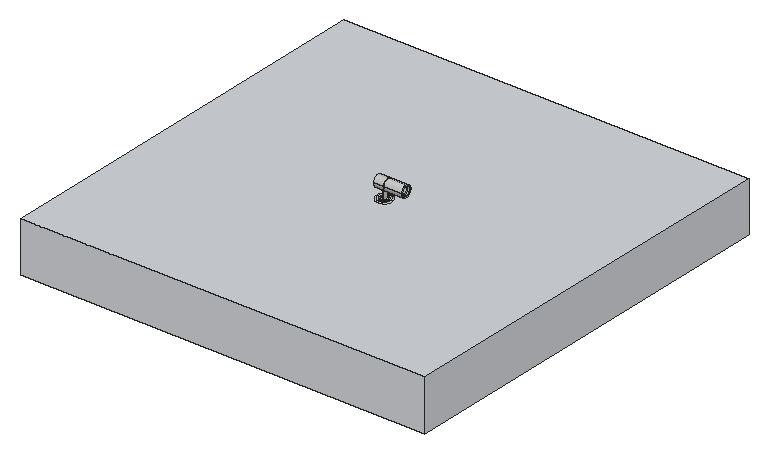
Revit family "LAMP_HANCE SEMI-RECESSED MEDIUM FLOOD", category Modelos genéricos, Revit 2015
Parameters (values of type "1612LM 3000 BLACK")
  Weight = 0.85 kg
  Type = "COB PHILIPS"
  Total height = 260 mm
  Tilting angle [instance] = 90.00°
  Tilting [instance] = if(Tilting angle < 0.00°, 0.00°, if(Tilting angle > 90.00°, 90.00°, Tilting angle))  # 90.00°
  Rotation angle [instance] = 0.00°
  Rotation [instance] = if(Rotation angle < 0.00°, 90.00°, if(Rotation angle > 355.00°, 85.00°, Rotation angle + 90.00°))  # 90.00°
  Protection rating = "IP20"
  Profundidad tija = if(Longitud cuerpo = 210 mm, 18 mm, 8.2 mm)  # 8.2 mm
  Product datasheet = "http://www.lamp.es/product-files/TECH/HS1SR20MF830NBB-EN.pdf"
  Product code = "HS1SR20MF830NBB"
  Product URL = "http://www.lamp.es/en/family/hance_173901"
  Power Supply = "220-240V 50-60Hz"
  Power = 18 W
  Plum = 21 W
  Photometric web file = Cuerpo Hance SEMI-RECESSED MEDIUM FLOOD (tilting) : 1612LM 3000 BLACK
  Modelo = Product code  # "HS1SR20MF830NBB"
  Model explanation = "Availability of tilting between 0º and 90º, rotation between 0º and 355º and change ring color when placed in a project."
  Material base = LAMP_Aluminio Hance Negro
  Material tija = LAMP_Aluminio Hance Negro
  Manufacturer name = "LAMP"
  Manufacturer country = "Spain"
  Manufacturer URL = "http://www.lamp.es/en"
  MacAdam = "3"
  Luminaire type = "Indoor - Spotlight"
  Longitud cuerpo = 170 mm
  Longitud aro = if(Longitud cuerpo = 135 mm, 63.6 mm, if(Longitud cuerpo = 170 mm, 98.6 mm, 138.6 mm))  # 98.6 mm
  Last update = "08/08/2018"
  Lamp = "LED COB"
  LED Lifetime = "50.000 L80 B10"
  Insulation class = "I"
  Installation instructions = "http://www.lamp.es/product-files/ins/1004280%20-%20instr.%20hance%20spotlight%20220v.pdf"
  Initial intensity = 1612 lm
  Initial color = 3000 K
  IEE = "A+"
  Gear = "Electronic"
  Finish = "Texturised black"
  Fabricante = Manufacturer name  # "LAMP"
  Default Elevation = 1219.2 mm
  Efficacy = 76.74 lm/W
  Diameter = 65 mm
  Descripción = "HANCE REC 2000 WW MFL BK."
  Decorative ring [instance] = Aro decorativo (tilting) : Black
  Comentarios de tipo = Model explanation  # "Availability of tilting between 0º and 90º, rotation between 0º and 355º and change ring color when placed in a project."
  CRI = "80"
  Body height = 170 mm
  Angulo aro [instance] = if(Tilting = 90.00°, 90.00°, -Tilting + 180.00°)  # 90.00°
  Anchura tija = if(Longitud cuerpo = 210 mm, 28 mm, 23 mm)  # 23 mm
  Altura tija = if(Longitud cuerpo = 210 mm, 49 mm, 63 mm)  # 63 mm
Types (17, lengths in mm): name | Weight | Total height | Profundidad tija | Product datasheet | Product code | Power | Plum | Photometric web file | Modelo | Material base | Material tija | Longitud cuerpo | Longitud aro | LED Lifetime | Initial intensity | Initial color | IEE | Finish | Efficacy | Diameter | Descripción | Body height | Anchura tija | Altura tija
  (no name) | 0.85 kg | 260 | 8.2 | "http://www.lamp.es/product-files/TECH/HS1SR20MF830NBB-EN.pdf" | "HS1SR20MF830NBB" | 18 W | 21 W | Cuerpo Hance SEMI-RECESSED MEDIUM FLOOD (tilting) : 1612LM 3000 BLACK | "HS1SR20MF830NBB" | LAMP_Aluminio Hance Negro | LAMP_Aluminio Hance Negro | 170 | 98.6 | "50.000 L80 B10" | 1612 lm | 3000 K | "A+" | "Texturised black" | 76.74 lm/W | 65 | "HANCE REC 2000 WW MFL BK." | 170 | 23 | 63
  751LM 3000 BLACK | 0.70 kg | 224 | 8.2 | "http://www.lamp.es/product-files/TECH/HS1SR10MF830NBB-EN.pdf" | "HS1SR10MF830NBB" | 7 W | 8.2 W | Cuerpo Hance SEMI-RECESSED MEDIUM FLOOD (tilting) : 751LM 3000 BLACK | "HS1SR10MF830NBB" | LAMP_Aluminio Hance Negro | LAMP_Aluminio Hance Negro | 135 | 63.6 | "50.000 L90 B10" | 751 lm | 3000 K | "A+" | "Texturised black" | 91.63 lm/W | 65 | "HANCE REC 1000 WW MFL BK." | 135 | 23 | 63
  751LM 3000 WHITE | 0.70 kg | 224 | 8.2 | "http://www.lamp.es/product-files/TECH/HS1SR10MF830NBW-EN.pdf" | "HS1SR10MF830NBW" | 7 W | 8.2 W | Cuerpo Hance SEMI-RECESSED MEDIUM FLOOD (tilting) : 751LM 3000 WHITE | "HS1SR10MF830NBW" | LAMP_Aluminio Hance Blanco | LAMP_Aluminio Hance Blanco | 135 | 63.6 | "50.000 L90 B10" | 751 lm | 3000 K | "A+" | "Texturised matt white" | 91.63 lm/W | 65 | "HANCE REC 1000 WW MFL WH." | 135 | 23 | 63
  794LM 4000 BLACK | 0.70 kg | 224 | 8.2 | "http://www.lamp.es/product-files/TECH/HS1SR10MF840NBB-EN.pdf" | "HS1SR10MF840NBB" | 7 W | 8.2 W | Cuerpo Hance SEMI-RECESSED MEDIUM FLOOD (tilting) : 794LM 4000 BLACK | "HS1SR10MF840NBB" | LAMP_Aluminio Hance Negro | LAMP_Aluminio Hance Negro | 135 | 63.6 | "50.000 L90 B10" | 794 lm | 4000 K | "A++" | "Texturised black" | 96.83 lm/W | 65 | "HANCE REC 1000 NW MFL BK." | 135 | 23 | 63
  794LM 4000 WHITE | 0.70 kg | 224 | 8.2 | "http://www.lamp.es/product-files/TECH/HS1SR10MF840NBW-EN.pdf" | "HS1SR10MF840NBW" | 7 W | 8.2 W | Cuerpo Hance SEMI-RECESSED MEDIUM FLOOD (tilting) : 794LM 4000 WHITE | "HS1SR10MF840NBW" | LAMP_Aluminio Hance Blanco | LAMP_Aluminio Hance Blanco | 135 | 63.6 | "50.000 L90 B10" | 794 lm | 4000 K | "A++" | "Texturised matt white" | 96.83 lm/W | 65 | "HANCE REC 1000 NW MFL WH." | 135 | 23 | 63
  1612LM 3000 BLACK | 0.85 kg | 260 | 8.2 | "http://www.lamp.es/product-files/TECH/HS1SR20MF830NBB-EN.pdf" | "HS1SR20MF830NBB" | 18 W | 21 W | Cuerpo Hance SEMI-RECESSED MEDIUM FLOOD (tilting) : 1612LM 3000 BLACK | "HS1SR20MF830NBB" | LAMP_Aluminio Hance Negro | LAMP_Aluminio Hance Negro | 170 | 98.6 | "50.000 L80 B10" | 1612 lm | 3000 K | "A+" | "Texturised black" | 76.74 lm/W | 65 | "HANCE REC 2000 WW MFL BK." | 170 | 23 | 63
  1612LM 3000 WHITE | 0.85 kg | 260 | 8.2 | "http://www.lamp.es/product-files/TECH/HS1SR20MF830NBW-EN.pdf" | "HS1SR20MF830NBW" | 18 W | 21 W | Cuerpo Hance SEMI-RECESSED MEDIUM FLOOD (tilting) : 1612LM 3000 WHITE | "HS1SR20MF830NBW" | LAMP_Aluminio Hance Blanco | LAMP_Aluminio Hance Blanco | 170 | 98.6 | "50.000 L80 B10" | 1612 lm | 3000 K | "A+" | "Texturised matt white" | 76.74 lm/W | 65 | "HANCE REC 2000 WW MFL WH." | 170 | 23 | 63
  1703LM 4000 BLACK | 0.85 kg | 260 | 8.2 | "http://www.lamp.es/product-files/TECH/HS1SR20MF840NBB-EN.pdf" | "HS1SR20MF840NBB" | 18 W | 21 W | Cuerpo Hance SEMI-RECESSED MEDIUM FLOOD (tilting) : 1703LM 4000 BLACK | "HS1SR20MF840NBB" | LAMP_Aluminio Hance Negro | LAMP_Aluminio Hance Negro | 170 | 98.6 | "50.000 L80 B10" | 1703 lm | 4000 K | "A+" | "Texturised black" | 81.09 lm/W | 65 | "HANCE REC 2000 NW MFL BK." | 170 | 23 | 63
  1703LM 4000 WHITE | 0.85 kg | 260 | 8.2 | "http://www.lamp.es/product-files/TECH/HS1SR20MF840NBW-EN.pdf" | "HS1SR20MF840NBW" | 18 W | 21 W | Cuerpo Hance SEMI-RECESSED MEDIUM FLOOD (tilting) : 1703LM 4000 WHITE | "HS1SR20MF840NBW" | LAMP_Aluminio Hance Blanco | LAMP_Aluminio Hance Blanco | 170 | 98.6 | "50.000 L80 B10" | 1703 lm | 4000 K | "A+" | "Texturised matt white" | 81.09 lm/W | 65 | "HANCE REC 2000 NW MFL WH." | 170 | 23 | 63
  2625LM 3000 BLACK | 1.70 kg | 300 | 18 | "http://www.lamp.es/product-files/TECH/HS1SR30MF830NBB-EN.pdf" | "HS1SR30MF830NBB" | 26 W | 28.6 W | Cuerpo Hance SEMI-RECESSED MEDIUM FLOOD (tilting) : 2625LM 3000 BLACK | "HS1SR30MF830NBB" | LAMP_Aluminio Hance Negro | LAMP_Aluminio Hance Negro | 210 | 138.6 | "50.000 L80 B10" | 2625 lm | 3000 K | "A+" | "Texturised black" | 91.77 lm/W | 90 | "HANCE REC 3000 WW MFL BK." | 210 | 28 | 49
  2625LM 3000 WHITE | 1.70 kg | 300 | 18 | "http://www.lamp.es/product-files/TECH/HS1SR30MF830NBW-EN.pdf" | "HS1SR30MF830NBW" | 26 W | 28.6 W | Cuerpo Hance SEMI-RECESSED MEDIUM FLOOD (tilting) : 2625LM 3000 WHITE | "HS1SR30MF830NBW" | LAMP_Aluminio Hance Blanco | LAMP_Aluminio Hance Blanco | 210 | 138.6 | "50.000 L80 B10" | 2625 lm | 3000 K | "A+" | "Texturised matt white" | 91.77 lm/W | 90 | "HANCE REC 3000 WW MFL WH." | 210 | 28 | 49
  2744LM 4000 BLACK | 1.70 kg | 300 | 18 | "http://www.lamp.es/product-files/TECH/HS1SR30MF840NBB-EN.pdf" | "HS1SR30MF840NBB" | 26 W | 28.6 W | Cuerpo Hance SEMI-RECESSED MEDIUM FLOOD (tilting) : 2744LM 4000 BLACK | "HS1SR30MF840NBB" | LAMP_Aluminio Hance Negro | LAMP_Aluminio Hance Negro | 210 | 138.6 | "50.000 L80 B10" | 2744 lm | 4000 K | "A+" | "Texturised black" | 95.94 lm/W | 90 | "HANCE REC 3000 NW MFL BK." | 210 | 28 | 49
  2744LM 4000 WHITE | 1.70 kg | 300 | 18 | "http://www.lamp.es/product-files/TECH/HS1SR30MF840NBW-EN.pdf" | "HS1SR30MF840NBW" | 26 W | 28.6 W | Cuerpo Hance SEMI-RECESSED MEDIUM FLOOD (tilting) : 2744LM 4000 WHITE | "HS1SR30MF840NBW" | LAMP_Aluminio Hance Blanco | LAMP_Aluminio Hance Blanco | 210 | 138.6 | "50.000 L80 B10" | 2744 lm | 4000 K | "A+" | "Texturised matt white" | 95.94 lm/W | 90 | "HANCE REC 3000 NW MFL WH." | 210 | 28 | 49
  3387LM 3000 BLACK | 1.70 kg | 300 | 18 | "http://www.lamp.es/product-files/TECH/HS1SR40MF830NBB-EN.pdf" | "HS1SR40MF830NBB" | 35 W | 39.5 W | Cuerpo Hance SEMI-RECESSED MEDIUM FLOOD (tilting) : 3387LM 3000 BLACK | "HS1SR40MF830NBB" | LAMP_Aluminio Hance Negro | LAMP_Aluminio Hance Negro | 210 | 138.6 | "50.000 L80 B10" | 3387 lm | 3000 K | "A+" | "Texturised black" | 85.75 lm/W | 90 | "HANCE REC 4000 WW MFL BK." | 210 | 28 | 49
  3387LM 3000 WHITE | 1.70 kg | 300 | 18 | "http://www.lamp.es/product-files/TECH/HS1SR40MF830NBW-EN.pdf" | "HS1SR40MF830NBW" | 35 W | 39.5 W | Cuerpo Hance SEMI-RECESSED MEDIUM FLOOD (tilting) : 3387LM 3000 WHITE | "HS1SR40MF830NBW" | LAMP_Aluminio Hance Blanco | LAMP_Aluminio Hance Blanco | 210 | 138.6 | "50.000 L80 B10" | 3387 lm | 3000 K | "A+" | "Texturised matt white" | 85.75 lm/W | 90 | "HANCE REC 4000 WW MFL WH." | 210 | 28 | 49
  3527LM 4000 BLACK | 1.70 kg | 300 | 18 | "http://www.lamp.es/product-files/TECH/HS1SR40MF840NBB-EN.pdf" | "HS1SR40MF840NBB" | 35 W | 39.5 W | Cuerpo Hance SEMI-RECESSED MEDIUM FLOOD (tilting) : 3527LM 4000 BLACK | "HS1SR40MF840NBB" | LAMP_Aluminio Hance Negro | LAMP_Aluminio Hance Negro | 210 | 138.6 | "50.000 L80 B10" | 3527 lm | 4000 K | "A+" | "Texturised black" | 89.29 lm/W | 90 | "HANCE REC 4000 NW MFL BK." | 210 | 28 | 49
  3527LM 4000 WHITE | 1.70 kg | 300 | 18 | "http://www.lamp.es/product-files/TECH/HS1SR40MF840NBW-EN.pdf" | "HS1SR40MF840NBW" | 35 W | 39.5 W | Cuerpo Hance SEMI-RECESSED MEDIUM FLOOD (tilting) : 3527LM 4000 WHITE | "HS1SR40MF840NBW" | LAMP_Aluminio Hance Blanco | LAMP_Aluminio Hance Blanco | 210 | 138.6 | "50.000 L80 B10" | 3527 lm | 4000 K | "A+" | "Texturised matt white" | 89.29 lm/W | 90 | "HANCE REC 4000 NW MFL WH." | 210 | 28 | 49
Reference planes
  plane 1 "Centro (Frontal/Posterior)": y = 0
  plane 2: z = 0
  plane 3 "Centro (Izquierda/Derecha)": x = 0
Forms (mm)
  Extrusion 1, solid
    sketch origin (0, 0, 0) x (1, 0, 0) y (0, 1, 0)
      loop
        line (-1219.2, 1219.2) -> (-1219.2, -1219.2) -> (1219.2, -1219.2) -> (1219.2, 1219.2) -> (-1219.2, 1219.2)
    from 0 to -304.8
Lines and regions (mm)
  reference lines
    curve 1: line (0, 0, 0) -> (50, 0, 0)
Text (mm)
  text "Any modification of the parameters and properties of the LAMP BIM models must be executed and validated by the LAMP technical department.\n\nPhone: +34 93 736 68 00\n\nE-mail: lamp@lamp.es\n\n\n\nLAMP reserves the right to modify the technical specifications of its products." at (-21121.101, 14209.599, -7381.955), in view "Preview"
Dimensions and locks
  "Rotation": angle curve 1 to plane 3 "Centro (Izquierda/Derecha)"
  aligned and locked: plane 2 to Extrusion 1
  aligned and locked: level to Extrusion 1
  aligned and locked: plane 3 "Centro (Izquierda/Derecha)" to curve 1
  aligned and locked: plane 1 "Centro (Frontal/Posterior)" to curve 1
Automatic sketch dimensions
  Extrusion 1 sketch curve to Extrusion 1 sketch curve = 2438.4 mm  (x2)
Nested families
  nested 1: "Aro decorativo (tilting)" at (4.148, 0, 57.363) x (1, 0, 0) z (0, 0, -1), type <- "Decorative ring", type "Black"
    with Longitud 98.6 mm
  nested 2: "Tija track" at (5.648, 0, 2.2), type "Tija track"
  nested 3: "Tija semi-recessed" at (0, 0, 0), type "Tija semi-recessed"
    with Rotation angle 0.00°, Rotation 90.00°
  nested 4: "Cuerpo Hance SEMI-RECESSED MEDIUM FLOOD (tilting)" at (4.123, 0, 57.345) x (1, 0, 0) z (0, 0, -1), type <- "Photometric web file", type "1612LM 3000 BLACK"
Connectors
  electrical at (0, 0, 0)
    settings: on nested 3, index 1, voltage 230 V, apparent load 0 VA, apparent load phase1 0 VA, apparent load phase2 0 VA, apparent load phase3 0 VA, power factor 1, load classification "Otro", number of poles 1, system type 31, power factor state 1, is connector primary yes, connector utility no, sub classification motor no, connector description ""
Definition of nested family "Aro decorativo (tilting)"
  Parameters (values of type "Copper")
    Weight (3000/4000) = 0.016 kg
    Weight (1000/2000) = 0.01 kg
    Tilting = 90.00°
    Product datasheet = ""
    Product code (3000/4000) = "HSRI90C"
    Product code (1000/2000) = "HSRI65C"
    Product URL = ""
    Model = ""
    Material aro = none
    Manufacturer name = "LAMP"
    Manufacturer country = "Spain"
    Manufacturer URL = "http://www.lamp.es/en"
    Longitud = 63.6 mm
    Last update = "21/05/2018"
    Installation instructions = ""
    Finish = "Metalized matt copper"
    Manufacturer = Manufacturer name  # "LAMP"
    Default Elevation = 1219.2 mm
    Diameter (3000/4000) = 90 mm
    Diameter (1000/2000) = 65 mm
    Description = ""
    Accessory Type = "Optic"
    3000/4000 Model = "HSRI90C"
    3000/4000 Description = "HANCE 3000/4000 ACC. RING DECO CO."
    1000/2000 Model = "HSRI65C"
    1000/2000 Description = "HANCE 1000/2000 ACC. RING DECO CO."
  Types (5, lengths in mm): name | Product code (3000/4000) | Product code (1000/2000) | Finish | 3000/4000 Model | 3000/4000 Description | 1000/2000 Model | 1000/2000 Description
    (no name) | "HSRI90C" | "HSRI65C" | "Metalized matt copper" | "HSRI90C" | "HANCE 3000/4000 ACC. RING DECO CO." | "HSRI65C" | "HANCE 1000/2000 ACC. RING DECO CO."
    Black | "HSRI90B" | "HSRI65B" | "Matt black" | "HSRI90B" | "HANCE 3000/4000 ACC. RING DECO BK." | "HSRI65B" | "HANCE 1000/2000 ACC. RING DECO BK."
    Copper | "HSRI90C" | "HSRI65C" | "Metalized matt copper" | "HSRI90C" | "HANCE 3000/4000 ACC. RING DECO CO." | "HSRI65C" | "HANCE 1000/2000 ACC. RING DECO CO."
    Grey | "HSRI90M" | "HSRI65M" | "Metalized matt silver" | "HSRI90M" | "HANCE 3000/4000 ACC. RING DECO MET." | "HSRI65M" | "HANCE 1000/2000 ACC. RING DECO MET."
    White | "HSRI90W" | "HSRI65W" | "Matt White" | "HSRI90W" | "HANCE 3000/4000 ACC. RING DECO WH." | "HSRI65W" | "HANCE 1000/2000 ACC. RING DECO WH."
  Reference planes
    plane 1 "Centro (Frontal/Posterior)": y = 0
    plane 2: z = 0
    plane 3 "Centro (Izquierda/Derecha)": x = 0
  Lines and regions (mm)
    reference lines
      curve 1: line (0, 0, 0) -> (0, 0, -27.9)
      curve 2: line (0, 0, -27.9) -> (80.8, 0, -27.9)
  Text (mm)
    text "Any modification of the parameters and properties of the LAMP BIM models must be executed and validated by the LAMP technical department.\n\nPhone: +34 93 736 68 00\n\nE-mail: lamp@lamp.es\n\n\n\nLAMP reserves the right to modify the technical specifications of its products." at (86527.204, -96597.187, 50741.736), in view "Preview"
  Dimensions and locks
    "Tilting": angle curve 1 to plane 2
    aligned and locked: level to plane 2
    aligned and locked: plane 3 "Centro (Izquierda/Derecha)" to curve 1
    aligned and locked: plane 2 to curve 1
  Automatic sketch dimensions
    curve 2 to curve 1 = 0 mm
    curve 1 to curve 2 = 0 mm
    curve 1 to curve 2 = 80.8 mm
  Nested families
    nested 1: "Aro decorativo" at (17.2, 0, 0), type "Copper"
  Definition of nested family "Aro decorativo"
    Parameters (values of type "Copper")
      Weight (3000/4000) = 0.016 kg
      Weight (1000/2000) = 0.01 kg
      Product datasheet = ""
      Product code (3000/4000) = "HSRI90C"
      Product code (1000/2000) = "HSRI65C"
      Product URL = ""
      Model = ""
      Material aro = none
      Manufacturer name = "LAMP"
      Manufacturer country = "Spain"
      Manufacturer URL = "http://www.lamp.es/en"
      Longitud = 63.6 mm
      Last update = "21/05/2018"
      Installation instructions = ""
      Finish = "Metalized matt copper"
      Manufacturer = Manufacturer name  # "LAMP"
      Default Elevation = 1219.2 mm
      Diametro vaciado aro interior = if(Diametro aro interior = 35.4 mm, 34.4 mm, 21.9 mm)  # 21.9 mm
      Diametro vaciado aro exterior = if(Diametro aro exterior = 42.9 mm, 41.9 mm, 29.4 mm)  # 29.4 mm
      Diametro aro interior = if(Diametro aro exterior = 42.9 mm, 35.4 mm, 22.9 mm)  # 22.9 mm
      Diametro aro exterior = if(Longitud = 138.6 mm, 42.9 mm, 30.4 mm)  # 30.4 mm
      Diameter (3000/4000) = 90 mm
      Diameter (1000/2000) = 65 mm
      Description = ""
      Accessory Type = "Optic"
      3000/4000 Model = "HSRI90C"
      3000/4000 Description = "HANCE 3000/4000 ACC. RING DECO CO."
      1000/2000 Description = "HANCE 1000/2000 ACC. RING DECO CO."
      1000/2000 Model = "HSRI65C"
    Types (5, lengths in mm): name | Product code (3000/4000) | Product code (1000/2000) | Finish | 3000/4000 Model | 3000/4000 Description | 1000/2000 Description | 1000/2000 Model
      (no name) | "HSRI90C" | "HSRI65C" | "Metalized matt copper" | "HSRI90C" | "HANCE 3000/4000 ACC. RING DECO CO." | "HANCE 1000/2000 ACC. RING DECO CO." | "HSRI65C"
      Black | "HSRI90B" | "HSRI65B" | "Matt black" | "HSRI90B" | "HANCE 3000/4000 ACC. RING DECO BK." | "HANCE 1000/2000 ACC. RING DECO BK." | "HSRI65B"
      Copper | "HSRI90C" | "HSRI65C" | "Metalized matt copper" | "HSRI90C" | "HANCE 3000/4000 ACC. RING DECO CO." | "HANCE 1000/2000 ACC. RING DECO CO." | "HSRI65C"
      Grey | "HSRI90M" | "HSRI65M" | "Metalized matt silver" | "HSRI90M" | "HANCE 3000/4000 ACC. RING DECO MET." | "HANCE 1000/2000 ACC. RING DECO MET." | "HSRI65M"
      White | "HSRI90W" | "HSRI65W" | "Matt white" | "HSRI90W" | "HANCE 3000/4000 ACC. RING DECO WH." | "HANCE 1000/2000 ACC. RING DECO WH." | "HSRI65W"
    Reference planes
      plane 1 "Centro (Frontal/Posterior)": y = 0
      plane 2: z = 0
      plane 3 "Centro (Izquierda/Derecha)": x = 0
    Forms (mm)
      Revolve 1, solid, material <- "Material aro"
        sketch origin (0, 0, -27.9) x (1, 0, 0) y (0, 0, 1)
          loop
            line (63.6, 0) -> (73.782, 0) -> (73.782, 30.4) -> (63.6, 22.9) -> (63.6, 0)
          axis (73.782, 0) -> (63.6, 0)
        angle from 0 to 360
      Revolve 2, void
        sketch origin (0, 0, -27.9) x (1, 0, 0) y (0, 0, 1)
          loop
            line (73.782, 29.4) -> (63.6, 21.9) -> (63.6, 0) -> (73.782, 0) -> (73.782, 29.4)
          axis (63.6, 0) -> (73.782, 0)
        angle from 0 to 360
    Cuts and joins
      Revolve 2 cuts Revolve 1
    Lines and regions (mm)
      reference lines
        curve 1: line (0, 0, -27.9) -> (63.6, 0, -27.9)
    Text (mm)
      text "Any modification of the parameters and properties of the LAMP BIM models must be executed and validated by the LAMP technical department.\n\nPhone: +34 93 736 68 00\n\nE-mail: lamp@lamp.es\n\n\n\nLAMP reserves the right to modify the technical specifications of its products." at (91886.357, -93022.329, 47898.266), in view "Preview"
    Dimensions and locks
      "Diametro aro exterior": Revolve 1 sketch curve to Revolve 1 sketch curve
      "Diametro vaciado aro exterior": Revolve 2 sketch curve to Revolve 2 sketch curve
      "Longitud": curve 1 to plane 3 "Centro (Izquierda/Derecha)"
      "Diametro aro interior": Revolve 1 sketch curve to Revolve 1 sketch curve
      "Diametro vaciado aro interior": Revolve 2 sketch curve to Revolve 2 sketch curve
      aligned and locked: level to plane 2
    Automatic sketch dimensions
      Revolve 1 sketch curve to curve 1 = 0 mm  (x4)
      curve 1 to Revolve 1 sketch curve = 10.182 mm
      Revolve 1 sketch curve to Revolve 1 sketch curve = 0 mm
      Revolve 2 sketch curve to curve 1 = 0 mm  (x3)
      curve 1 to Revolve 2 sketch curve = 10.182 mm
      Revolve 2 sketch curve to curve 1 = 1261.008 mm
      Revolve 2 sketch curve to Revolve 2 sketch curve = 1898.983 mm
      curve 1 to plane 3 "Centro (Izquierda/Derecha)" = 0 mm
      curve 1 to level = 27.9 mm
Definition of nested family "Tija track"
  Parameters (values of type "Tija track")
    Profundidad tija = 8.2 mm
    Material tija = none
    Default Elevation = 1219.2 mm
    Anchura tija = 23 mm
    Profundo vaciado = if(Profundidad tija = 18 mm, 10.8 mm, 1 mm)  # 1 mm
    Ancho vaciado = Anchura tija  # 23 mm
    Altura tija = 63 mm
  Reference planes
    plane 1 "Centro (Frontal/Posterior)": y = 0
    plane 2: z = 0
    plane 3 "Centro (Izquierda/Derecha)": x = 0
  Forms (mm)
    Extrusion 1, solid
      sketch origin (0, 0, 0) x (1, 0, 0) y (0, 1, 0)
        loop
          line (-1219.2, 1219.2) -> (-1219.2, -1219.2) -> (1219.2, -1219.2) -> (1219.2, 1219.2) -> (-1219.2, 1219.2)
      from 0 to -304.8
    Extrusion 2, solid, material <- "Material tija"
      sketch origin (0, 0, -18) x (1, 0, 0) y (0, 0, 1)
        loop
          line (4.1, 18) -> (4.1, 81) -> (-6.297, 81)
          arc (-6.297, 81) -> (-12.297, 75) -> (-6.297, 69) r 6
          line (-6.297, 69) -> (-4.1, 69) -> (-4.1, 18) -> (4.1, 18)
      from -11.5 to 11.5
    Extrusion 3, void
      sketch origin (0, 0, -20) x (-1, 0, 0) y (0, 0, 1)
        loop
          circle (7.297, 77) r 3
        loop
          circle (7.297, 63) r 3
      from -17.317 to 15.502
    Extrusion 4, void
      sketch origin (1, -11.5, 0) x (-1, 0, 0) y (0, 1, 0)
        loop
          line (0, 23) -> (-38.141, 23) -> (-38.141, 0) -> (0, 0)
          arc (0, 0) -> (-1.663, 11.5) -> (0, 23) r 40.6
      from -63 to 0
  Cuts and joins
    Extrusion 3, Extrusion 4 cuts Extrusion 2
  Lines and regions (mm)
    reference lines
      curve 1: line (1, -11.5, 0) -> (1, 11.5, 0)
  Dimensions and locks
    equal spacing: cut or joined group of Extrusion 2, Extrusion 3, Extrusion 4, plane 1 "Centro (Frontal/Posterior)", cut or joined group of Extrusion 2, Extrusion 3, Extrusion 4
    "Anchura tija": cut or joined group of Extrusion 2, Extrusion 3, Extrusion 4 to cut or joined group of Extrusion 2, Extrusion 3, Extrusion 4
    plane 1 "Centro (Frontal/Posterior)" to Extrusion 4 sketch curve = 11.5 mm
    "Altura tija": Extrusion 2 sketch curve to Extrusion 2 sketch curve
    "Profundidad tija": cut or joined group of Extrusion 2, Extrusion 3, Extrusion 4 to cut or joined group of Extrusion 2, Extrusion 3, Extrusion 4
    locked: cut or joined group of Extrusion 2, Extrusion 3, Extrusion 4 to plane 3 "Centro (Izquierda/Derecha)" at 4.1
    locked: plane 3 "Centro (Izquierda/Derecha)" to Extrusion 4 sketch curve at 39.141
    "Profundo vaciado": plane 3 "Centro (Izquierda/Derecha)" to curve 1
    "Ancho vaciado": Extrusion 4 sketch curve to Extrusion 4 sketch curve
    equal spacing: Extrusion 4 sketch curve, plane 1 "Centro (Frontal/Posterior)", Extrusion 4 sketch curve
    aligned and locked: plane 2 to Extrusion 1
    aligned and locked: level to Extrusion 1
  Automatic sketch dimensions
    Extrusion 1 sketch curve to Extrusion 1 sketch curve = 2438.4 mm  (x2)
    Extrusion 3 sketch curve to plane 3 "Centro (Izquierda/Derecha)" = 7.297 mm  (x2)
    level to Extrusion 3 sketch curve = 43 mm
    Extrusion 3 sketch curve to Extrusion 3 sketch curve = 14 mm
    Extrusion 2 sketch curve to level = 0 mm
    Extrusion 2 sketch curve to plane 3 "Centro (Izquierda/Derecha)" = 6.297 mm
    Extrusion 2 sketch curve to Extrusion 2 sketch curve = 2.197 mm
    plane 3 "Centro (Izquierda/Derecha)" to Extrusion 2 sketch curve = 4.1 mm
    Extrusion 2 sketch curve to Extrusion 2 sketch curve = 12 mm
    plane 1 "Centro (Frontal/Posterior)" to curve 1 = 11.5 mm
    curve 1 to plane 1 "Centro (Frontal/Posterior)" = 11.5 mm
    Extrusion 4 sketch curve to curve 1 = 0 mm  (x2)
    curve 1 to Extrusion 4 sketch curve = 38.937 mm
    radius of Extrusion 3 sketch curve = 3 mm  (x2)
Definition of nested family "Tija semi-recessed"
  Parameters (values of type "Tija semi-recessed")
    Rotation angle [instance] = 0.00°
    Rotation [instance] = if(Rotation angle < 0.00°, 90.00°, if(Rotation angle > 355.00°, 85.00°, Rotation angle + 90.00°))  # 90.00°
    Material base = none
    Default Elevation = 1219.2 mm
  Reference planes
    plane 1 "Centro (Frontal/Posterior)": y = 0
    plane 2: z = 0
    plane 3 "Centro (Izquierda/Derecha)": x = 0
  Forms (mm)
    Extrusion 1, solid
      sketch origin (0, 0, 0) x (1, 0, 0) y (0, 1, 0)
        loop
          line (-1219.2, 1219.2) -> (-1219.2, -1219.2) -> (1219.2, -1219.2) -> (1219.2, 1219.2) -> (-1219.2, 1219.2)
      from 0 to -304.8
    Revolve 2, solid, material <- "Material base"
      sketch origin (0, 0, 0) x (1, 0, 0) y (0, 0, 1)
        loop
          line (-47, 0) -> (0, 0) -> (0, 2.2) -> (-42, 2.2)
          arc (-42, 2.2) -> (-44.731, 1.626) -> (-47, 0) r 6.782
        axis (0, 2.2) -> (0, 0)
      angle from 0 to 360
    Extrusion 3, void
      sketch origin (0, 0, 0) x (1, 0, 0) y (0, 1, 0)
        loop
          circle (0, 0) r 24
      from 0 to 2.2
    Revolve 4, solid, material <- "Material base"
      sketch origin (0, 0, 0) x (1, 0, 0) y (0, 0, 1)
        loop
          line (0, 0) -> (0, 2.2) -> (-24, 2.2) -> (-24, 0) -> (0, 0)
        axis (0, 2.2) -> (0, 0)
      angle from 0 to 360
  Cuts and joins
    Extrusion 3 cuts Revolve 2
  Lines and regions (mm)
    reference lines
      curve 1: line (0, 0, 0) -> (100, 0, 0)
  Dimensions and locks
    "Rotation": angle curve 1 to plane 3 "Centro (Izquierda/Derecha)"
    aligned and locked: plane 2 to Extrusion 1
    aligned and locked: level to Extrusion 1
    aligned and locked: plane 3 "Centro (Izquierda/Derecha)" to curve 1
    aligned and locked: plane 1 "Centro (Frontal/Posterior)" to curve 1
  Automatic sketch dimensions
    Extrusion 1 sketch curve to Extrusion 1 sketch curve = 2438.4 mm  (x2)
    Revolve 2 sketch curve to level = 0 mm
    Revolve 2 sketch curve to plane 3 "Centro (Izquierda/Derecha)" = 0 mm  (x2)
    Revolve 2 sketch curve to level = 4.582 mm
    Revolve 2 sketch curve to plane 3 "Centro (Izquierda/Derecha)" = 42 mm
    Revolve 2 sketch curve to Revolve 2 sketch curve = 5 mm
    Revolve 2 sketch curve to Revolve 2 sketch curve = 605.018 mm
    Revolve 2 sketch curve to Revolve 2 sketch curve = 2606.858 mm
    plane 1 "Centro (Frontal/Posterior)" to Extrusion 3 sketch curve = 0 mm
    Extrusion 3 sketch curve to plane 3 "Centro (Izquierda/Derecha)" = 0 mm
    Revolve 4 sketch curve to level = 0 mm
    Revolve 4 sketch curve to plane 3 "Centro (Izquierda/Derecha)" = 0 mm  (x2)
    level to Revolve 4 sketch curve = 2.2 mm
    Revolve 4 sketch curve to Revolve 4 sketch curve = 24 mm
    Revolve 4 sketch curve to level = 609.6 mm
    Revolve 4 sketch curve to Revolve 4 sketch curve = 2606.858 mm
    radius of Extrusion 3 sketch curve = 24 mm
Definition of nested family "Cuerpo Hance SEMI-RECESSED MEDIUM FLOOD (tilting)"
  Parameters (values of type "751LM 3000 BLACK")
    Tilting = 90.00°
    Photometric web file = Cuerpo Hance SEMI-RECESSED MEDIUM FLOOD : 751LM 3000 BLACK
    Longitud cuerpo = 135 mm
    Default Elevation = 1219.2 mm
  Types (16, lengths in mm): name | Photometric web file | Longitud cuerpo
    751LM 3000 BLACK | Cuerpo Hance SEMI-RECESSED MEDIUM FLOOD : 751LM 3000 BLACK | 135
    751LM 3000 WHITE | Cuerpo Hance SEMI-RECESSED MEDIUM FLOOD : 751LM 3000 WHITE | 135
    794LM 4000 BLACK | Cuerpo Hance SEMI-RECESSED MEDIUM FLOOD : 794LM 4000 BLACK | 135
    794LM 4000 WHITE | Cuerpo Hance SEMI-RECESSED MEDIUM FLOOD : 794LM 4000 WHITE | 135
    1612LM 3000 BLACK | Cuerpo Hance SEMI-RECESSED MEDIUM FLOOD : 1612LM 3000 BLACK | 170
    1612LM 3000 WHITE | Cuerpo Hance SEMI-RECESSED MEDIUM FLOOD : 1612LM 3000 WHITE | 170
    1703LM 4000 BLACK | Cuerpo Hance SEMI-RECESSED MEDIUM FLOOD : 1703LM 4000 BLACK | 170
    1703LM 4000 WHITE | Cuerpo Hance SEMI-RECESSED MEDIUM FLOOD : 1703LM 4000 WHITE | 170
    2625LM 3000 BLACK | Cuerpo Hance SEMI-RECESSED MEDIUM FLOOD : 2625LM 3000 BLACK | 210
    2625LM 3000 WHITE | Cuerpo Hance SEMI-RECESSED MEDIUM FLOOD : 2625LM 3000 WHITE | 210
    2744LM 4000 BLACK | Cuerpo Hance SEMI-RECESSED MEDIUM FLOOD : 2744LM 4000 BLACK | 210
    2744LM 4000 WHITE | Cuerpo Hance SEMI-RECESSED MEDIUM FLOOD : 2744LM 4000 WHITE | 210
    3387LM 3000 BLACK | Cuerpo Hance SEMI-RECESSED MEDIUM FLOOD : 3387LM 3000 BLACK | 210
    3387LM 3000 WHITE | Cuerpo Hance SEMI-RECESSED MEDIUM FLOOD : 3387LM 3000 WHITE | 210
    3527LM 4000 BLACK | Cuerpo Hance SEMI-RECESSED MEDIUM FLOOD : 3527LM 4000 BLACK | 210
    3527LM 4000 WHITE | Cuerpo Hance SEMI-RECESSED MEDIUM FLOOD : 3527LM 4000 WHITE | 210
  Reference planes
    plane 1 "Centro (Frontal/Posterior)": y = 0
    plane 2: z = 0
    plane 3 "Centro (Izquierda/Derecha)": x = 0
  Lines and regions (mm)
    reference lines
      curve 1: line (0, 0, 0) -> (200, 0, 0)
  Dimensions and locks
    "Tilting": angle plane 3 "Centro (Izquierda/Derecha)" to curve 1
    aligned and locked: level to plane 2
    aligned and locked: plane 3 "Centro (Izquierda/Derecha)" to curve 1
    aligned and locked: plane 2 to curve 1
  Nested families
    nested 1: "Cuerpo Hance SEMI-RECESSED MEDIUM FLOOD" at (0, 0, 0), type <- "Photometric web file", type "751LM 3000 BLACK"
  Definition of nested family "Cuerpo Hance SEMI-RECESSED MEDIUM FLOOD"
    Parameters (values of type "751LM 3000 BLACK")
      Tilt Angle = 90.00° + Tilting  # 180.00°
      Wattage = 8.2 W
      Tilting = 90.00°
      built-in parameter 1150107 = 3000 (stored number, unit not read)
      Radio vacio posterior = Radio cuerpo - 2.2 mm  # 30.3 mm
      Radio vaciado = Radio cuerpo - 1.5 mm  # 31 mm
      Radio cuerpo = if(Longitud cuerpo = 210 mm, 45 mm, 32.5 mm)  # 32.5 mm
      built-in parameter 1150110 = 1 (stored number, unit not read)
      built-in parameter 1150109 = 1 (stored number, unit not read)
      built-in parameter 1150112 = 1 (stored number, unit not read)
      built-in parameter 1150113 = 1 (stored number, unit not read)
      built-in parameter 1114218 = 1 (stored number, unit not read)
      built-in parameter 1150137 = (empty or 0)
      built-in parameter 1150132 = 2
      Material reflector = none
      Material cuerpo = none
      Material COB = none
      Longitud cuerpo = 135 mm
      Long. origen luz = if(Longitud cuerpo = 135 mm, 20 mm, if(Longitud cuerpo = 170 mm, 55 mm, 90 mm))  # 20 mm
      L_3 = if(Ancho disipador posterior = 80.4 mm, 39.6 mm, 12 mm)  # 12 mm
      L_2 = if(Ancho disipador posterior = 80.4 mm, 36.3 mm, 22.6 mm)  # 22.6 mm
      L_1 = if(Ancho disipador posterior = 80.4 mm, 36.8 mm, 25.4 mm)  # 25.4 mm
      built-in parameter 1150105 = 13113.2 (stored number, unit not read)
      built-in parameter 1150102 = (empty or 0)
      built-in parameter 1150106 = 131.13 (stored number, unit not read)
      Lumens = 751.366 lm
      Color Filter = 16777215
      built-in parameter 1114217 = 1 (stored number, unit not read)
      built-in parameter 1150139 = (empty or 0)
      Default Elevation = 1219.2 mm
      built-in parameter 1150104 = 8.5127 (stored number, unit not read)
      Efficacy = 91.63 lm/W
      Diametro aro = if(Radio cuerpo = 45 mm, 42.9 mm, 30.4 mm)  # 30.4 mm
      built-in parameter 1150115 = 1 (stored number, unit not read)
      built-in parameter 1150114 = 1 (stored number, unit not read)
      built-in parameter 1150138 = (empty or 0)
      built-in parameter 1150134 = (empty or 0)
      Dimming Lamp Color Temperature Shift = (empty or 0)
      Photometric Web File = "HS1SR10MF830NBB.IES"
      Ancho vaciado reflector = if(Radio cuerpo = 45 mm, 34.4 mm, 21.9 mm)  # 21.9 mm
      Ancho reflector = if(Radio cuerpo = 45 mm, 35.4 mm, 22.9 mm)  # 22.9 mm
      Ancho disipador posterior = if(Radio cuerpo = 32.5 mm, 53 mm, 80.4 mm)  # 53 mm
      built-in parameter 1150133 = 10 (stored number, unit not read)
      Altura disipador superior = if(Radio cuerpo = 45 mm, 23.9 mm, 36.9 mm)  # 36.9 mm
      Ancho disipador superior = if(Radio cuerpo = 45 mm, 28 mm, 22.6 mm)  # 22.6 mm
    Types (16, lengths in mm): name | Wattage | built-in parameter 1150107 | Radio vacio posterior | Radio vaciado | Radio cuerpo | Longitud cuerpo | Long. origen luz | L_3 | L_2 | L_1 | built-in parameter 1150105 | built-in parameter 1150106 | Lumens | built-in parameter 1150104 | Efficacy | Diametro aro | built-in parameter 1150134 | Photometric Web File | Ancho vaciado reflector | Ancho reflector | Ancho disipador posterior | Altura disipador superior | Ancho disipador superior
      751LM 3000 BLACK | 8.2 W | 3000 (stored number, unit not read) | 30.3 | 31 | 32.5 | 135 | 20 | 12 | 22.6 | 25.4 | 13113.2 (stored number, unit not read) | 131.13 (stored number, unit not read) | 751.366 lm | 8.5127 (stored number, unit not read) | 91.63 lm/W | 30.4 | (empty or 0) | "HS1SR10MF830NBB.IES" | 21.9 | 22.9 | 53 | 36.9 | 22.6
      751LM 3000 WHITE | 8.2 W | 3000 (stored number, unit not read) | 30.3 | 31 | 32.5 | 135 | 20 | 12 | 22.6 | 25.4 | 13113.2 (stored number, unit not read) | 131.13 (stored number, unit not read) | 751.366 lm | 8.5127 (stored number, unit not read) | 91.63 lm/W | 30.4 | (empty or 0) | "HS1SR10MF830NBW.IES" | 21.9 | 22.9 | 53 | 36.9 | 22.6
      794LM 4000 BLACK | 8.2 W | 4000 (stored number, unit not read) | 30.3 | 31 | 32.5 | 135 | 20 | 12 | 22.6 | 25.4 | 2917 (stored number, unit not read) | 29.17 (stored number, unit not read) | 794.006 lm | 8.9958 (stored number, unit not read) | 96.83 lm/W | 30.4 | 12 | "HS1SR10MF840NBB.IES" | 21.9 | 22.9 | 53 | 36.9 | 22.6
      794LM 4000 WHITE | 8.2 W | 4000 (stored number, unit not read) | 30.3 | 31 | 32.5 | 135 | 20 | 12 | 22.6 | 25.4 | 2917 (stored number, unit not read) | 29.17 (stored number, unit not read) | 794.006 lm | 8.9958 (stored number, unit not read) | 96.83 lm/W | 30.4 | 12 | "HS1SR10MF840NBW.IES" | 21.9 | 22.9 | 53 | 36.9 | 22.6
      1612LM 3000 BLACK | 21 W | 3000 (stored number, unit not read) | 30.3 | 31 | 32.5 | 170 | 55 | 12 | 22.6 | 25.4 | 5920.5 (stored number, unit not read) | 59.205 (stored number, unit not read) | 1611.54 lm | 7.1294 (stored number, unit not read) | 76.74 lm/W | 30.4 | (empty or 0) | "HS1SR20MF830NBB.IES" | 21.9 | 22.9 | 53 | 36.9 | 22.6
      1612LM 3000 WHITE | 21 W | 3000 (stored number, unit not read) | 30.3 | 31 | 32.5 | 170 | 55 | 12 | 22.6 | 25.4 | 5920.5 (stored number, unit not read) | 59.205 (stored number, unit not read) | 1611.54 lm | 7.1294 (stored number, unit not read) | 76.74 lm/W | 30.4 | (empty or 0) | "HS1SR20MF830NBW.IES" | 21.9 | 22.9 | 53 | 36.9 | 22.6
      1703LM 4000 BLACK | 21 W | 4000 (stored number, unit not read) | 30.3 | 31 | 32.5 | 170 | 55 | 12 | 22.6 | 25.4 | 5846.4 (stored number, unit not read) | 58.464 (stored number, unit not read) | 1702.89 lm | 7.5335 (stored number, unit not read) | 81.09 lm/W | 30.4 | 12 | "HS1SR20MF840NBB.IES" | 21.9 | 22.9 | 53 | 36.9 | 22.6
      1703LM 4000 WHITE | 21 W | 4000 (stored number, unit not read) | 30.3 | 31 | 32.5 | 170 | 55 | 12 | 22.6 | 25.4 | 5846.4 (stored number, unit not read) | 58.464 (stored number, unit not read) | 1702.89 lm | 7.5335 (stored number, unit not read) | 81.09 lm/W | 30.4 | 12 | "HS1SR20MF840NBW.IES" | 21.9 | 22.9 | 53 | 36.9 | 22.6
      2625LM 3000 BLACK | 28.6 W | 3000 (stored number, unit not read) | 42.8 | 43.5 | 45 | 210 | 90 | 39.6 | 36.3 | 36.8 | 9010.9 (stored number, unit not read) | 90.109 (stored number, unit not read) | 2624.62 lm | 8.5257 (stored number, unit not read) | 91.77 lm/W | 42.9 | (empty or 0) | "HS1SR30MF830NBB.IES" | 34.4 | 35.4 | 80.4 | 23.9 | 28
      2625LM 3000 WHITE | 28.6 W | 3000 (stored number, unit not read) | 42.8 | 43.5 | 45 | 210 | 90 | 39.6 | 36.3 | 36.8 | 9010.9 (stored number, unit not read) | 90.109 (stored number, unit not read) | 2624.62 lm | 8.5257 (stored number, unit not read) | 91.77 lm/W | 42.9 | (empty or 0) | "ç" | 34.4 | 35.4 | 80.4 | 23.9 | 28
      2744LM 4000 BLACK | 28.6 W | 4000 (stored number, unit not read) | 42.8 | 43.5 | 45 | 210 | 90 | 39.6 | 36.3 | 36.8 | 12142 (stored number, unit not read) | 121.42 (stored number, unit not read) | 2743.88 lm | 8.9131 (stored number, unit not read) | 95.94 lm/W | 42.9 | 12 | "HS1SR30MF840NBB.IES" | 34.4 | 35.4 | 80.4 | 23.9 | 28
      2744LM 4000 WHITE | 28.6 W | 4000 (stored number, unit not read) | 42.8 | 43.5 | 45 | 210 | 90 | 39.6 | 36.3 | 36.8 | 12142 (stored number, unit not read) | 121.42 (stored number, unit not read) | 2743.88 lm | 8.9131 (stored number, unit not read) | 95.94 lm/W | 42.9 | 12 | "HS1SR30MF840NBW.IES" | 34.4 | 35.4 | 80.4 | 23.9 | 28
      3387LM 3000 BLACK | 39.5 W | 3000 (stored number, unit not read) | 42.8 | 43.5 | 45 | 210 | 90 | 39.6 | 36.3 | 36.8 | 14988.4 (stored number, unit not read) | 149.88 (stored number, unit not read) | 3387.13 lm | 7.9664 (stored number, unit not read) | 85.75 lm/W | 42.9 | (empty or 0) | "HS1SR40MF830NBB.IES" | 34.4 | 35.4 | 80.4 | 23.9 | 28
      3387LM 3000 WHITE | 39.5 W | 3000 (stored number, unit not read) | 42.8 | 43.5 | 45 | 210 | 90 | 39.6 | 36.3 | 36.8 | 14988.4 (stored number, unit not read) | 149.88 (stored number, unit not read) | 3387.13 lm | 7.9664 (stored number, unit not read) | 85.75 lm/W | 42.9 | (empty or 0) | "HS1SR40MF830NBW.IES" | 34.4 | 35.4 | 80.4 | 23.9 | 28
      3527LM 4000 BLACK | 39.5 W | 4000 (stored number, unit not read) | 42.8 | 43.5 | 45 | 210 | 90 | 39.6 | 36.3 | 36.8 | 15170.1 (stored number, unit not read) | 151.7 (stored number, unit not read) | 3526.96 lm | 8.2953 (stored number, unit not read) | 89.29 lm/W | 42.9 | 12 | "HS1SR40MF840NBB.IES" | 34.4 | 35.4 | 80.4 | 23.9 | 28
      3527LM 4000 WHITE | 39.5 W | 4000 (stored number, unit not read) | 42.8 | 43.5 | 45 | 210 | 90 | 39.6 | 36.3 | 36.8 | 15170.1 (stored number, unit not read) | 151.7 (stored number, unit not read) | 3526.96 lm | 8.2953 (stored number, unit not read) | 89.29 lm/W | 42.9 | 12 | "HS1SR40MF840NBW.IES" | 34.4 | 35.4 | 80.4 | 23.9 | 28
    Reference planes
      plane 1 "Centro (Frontal/Posterior)": y = 0
      plane 2: z = 0
      plane 3 "Centro (Izquierda/Derecha)": x = 0
    Forms (mm)
      Extrusion 1, solid, material <- "Material cuerpo"
        sketch origin (0, 0, 0) x (0, -1, 0) y (0, 0, 1)
          loop
            circle (0, -27.875) r 32.5
        from -93 to 42
      Extrusion 2, void
        sketch origin (0, 0, 0) x (0, 1, 0) y (0, 0, 1)
          loop
            line (11.3, 30) -> (-11.3, 30) -> (-11.3, -6.9)
            arc (-11.3, -6.9) -> (0, -7.855) -> (11.3, -6.9) r 67.349
            line (11.3, -6.9) -> (11.3, 30)
        from -42 to 9.4
      Extrusion 3, void
        sketch origin (0, 0, 0) x (0, 1, 0) y (0, 0, 1)
          loop
            circle (0, -27.875) r 30.3
        from -42 to -41
      Extrusion 4, void
        sketch origin (0, 0, 0) x (0, 1, 0) y (0, 0, 1)
          loop
            line (26.5, -26.291) -> (-26.5, -26.291)
            arc (-26.5, -26.291) -> (-27.7, -27.491) -> (-26.5, -28.691) r 1.2
            line (-26.5, -28.691) -> (26.5, -28.691)
            arc (26.5, -28.691) -> (27.7, -27.491) -> (26.5, -26.291) r 1.2
          loop
            line (26.115, -30.891) -> (-26.115, -30.891)
            arc (-26.115, -30.891) -> (-27.315, -32.091) -> (-26.115, -33.291) r 1.2
            line (-26.115, -33.291) -> (26.115, -33.291)
            arc (26.115, -33.291) -> (27.315, -32.091) -> (26.115, -30.891) r 1.2
          loop
            line (25.4, -35.55) -> (-24.915, -35.55)
            arc (-24.915, -35.55) -> (-26.115, -36.75) -> (-24.915, -37.95) r 1.2
            line (-24.915, -37.95) -> (25.4, -37.95)
            arc (25.4, -37.95) -> (26.6, -36.75) -> (25.4, -35.55) r 1.2
          loop
            line (22.6, -40.091) -> (-22.64, -40.091)
            arc (-22.64, -40.091) -> (-23.84, -41.291) -> (-22.64, -42.491) r 1.2
            line (-22.64, -42.491) -> (22.6, -42.491)
            arc (22.6, -42.491) -> (23.8, -41.291) -> (22.6, -40.091) r 1.2
          loop
            line (19.043, -44.691) -> (-19.086, -44.691)
            arc (-19.086, -44.691) -> (-20.286, -45.891) -> (-19.086, -47.091) r 1.2
            line (-19.086, -47.091) -> (19.043, -47.091)
            arc (19.043, -47.091) -> (20.243, -45.891) -> (19.043, -44.691) r 1.2
          loop
            line (15.357, -49.291) -> (-15.5, -49.291)
            arc (-15.5, -49.291) -> (-16.6, -50.391) -> (-15.5, -51.491) r 1.1
            line (-15.5, -51.491) -> (15.357, -51.491)
            arc (15.357, -51.491) -> (16.457, -50.391) -> (15.357, -49.291) r 1.1
          loop
            line (6, -53.691) -> (-6, -53.691)
            arc (-6, -53.691) -> (-7.1, -54.791) -> (-6, -55.891) r 1.1
            line (-6, -55.891) -> (6, -55.891)
            arc (6, -55.891) -> (7.1, -54.791) -> (6, -53.691) r 1.1
        from -42 to -38.7
      Extrusion 5, void
        sketch origin (0, 0, 0) x (-1, 0, 0) y (0, -1, 0)
          loop
            line (37.7, -9.12) -> (37.7, 9.12)
            arc (37.7, 9.12) -> (36.6, 10.22) -> (35.5, 9.12) r 1.1
            line (35.5, 9.12) -> (35.5, -9.12)
            arc (35.5, -9.12) -> (36.6, -10.22) -> (37.7, -9.12) r 1.1
          loop
            line (28.9, -9.12) -> (28.9, 9.12)
            arc (28.9, 9.12) -> (27.8, 10.22) -> (26.7, 9.12) r 1.1
            line (26.7, 9.12) -> (26.7, -9.12)
            arc (26.7, -9.12) -> (27.8, -10.22) -> (28.9, -9.12) r 1.1
          loop
            line (20.1, -9.12) -> (20.1, 9.12)
            arc (20.1, 9.12) -> (19, 10.22) -> (17.9, 9.12) r 1.1
            line (17.9, 9.12) -> (17.9, -9.12)
            arc (17.9, -9.12) -> (19, -10.22) -> (20.1, -9.12) r 1.1
        from -51.491 to 30
      Extrusion 6, void
        sketch origin (0, 0, 0) x (-1, 0, 0) y (0, -1, 0)
          loop
            line (33.3, -9.12) -> (33.3, 9.12)
            arc (33.3, 9.12) -> (32.2, 10.22) -> (31.1, 9.12) r 1.1
            line (31.1, 9.12) -> (31.1, -9.12)
            arc (31.1, -9.12) -> (32.2, -10.22) -> (33.3, -9.12) r 1.1
          loop
            line (24.5, -9.12) -> (24.5, 9.12)
            arc (24.5, 9.12) -> (23.4, 10.22) -> (22.3, 9.12) r 1.1
            line (22.3, 9.12) -> (22.3, -9.12)
            arc (22.3, -9.12) -> (23.4, -10.22) -> (24.5, -9.12) r 1.1
        from -8.232 to 30
      Extrusion 7, void
        sketch origin (0, 0, 0) x (0, 1, 0) y (0, 0, 1)
          loop
            circle (0, -27.875) r 31
        from 17.213 to 93
      Revolve 8, solid, material <- "Material reflector"
        sketch origin (0, 0, 0) x (1, 0, 0) y (0, 0, 1)
          loop
            line (60.5, -27.875) -> (80.818, -27.875) -> (80.818, -4.975) -> (60.5, -19.875) -> (60.5, -27.875)
          axis (60.5, -27.875) -> (80.818, -27.875)
        angle from 0 to 360
      Revolve 9, void
        sketch origin (0, 0, 0) x (1, 0, 0) y (0, 0, 1)
          loop
            line (80.818, -5.975) -> (61.5, -20.142) -> (60.5, -20.142) -> (60.5, -27.875) -> (61.5, -27.875) -> (80.818, -27.875) -> (80.818, -5.975)
          axis (80.818, -27.875) -> (60.5, -27.875)
        angle from 0 to 360
      Extrusion 10, solid, material <- "Material COB"
        sketch origin (0, 0, 0) x (0, -1, 0) y (0, 0, 1)
          loop
            circle (0, -27.875) r 7.733
        from -61.5 to -60.5
    Cuts and joins
      Extrusion 2, Extrusion 3, Extrusion 4, Extrusion 5, Extrusion 6, Extrusion 7 cuts Extrusion 1
      Revolve 9 cuts Revolve 8
    Lines and regions (mm)
      reference lines
        curve 1: line (0, 0, 0) -> (178.042, 0, 0)
        curve 2: line (93, 0, -27.875) -> (113, 0, -27.875)
        curve 3: line (0, 0, 0) -> (0, 0, -75)
        curve 4: line (93, 0, -22.875) -> (93, 0, -32.875)
    Text (mm)
      text "Any modification of the parameters and properties of the LAMP BIM models must be executed and validated by the LAMP technical department.\n\nPhone: +34 93 736 68 00\n\nE-mail: lamp@lamp.es\n\n\n\nLAMP reserves the right to modify the technical specifications of its products." at (97482.136, -81600.41, 57308.082), in view "Preview"
    Dimensions and locks
      locked: Revolve 9 sketch curve to cut or joined group of Extrusion 1, Extrusion 2, Extrusion 3, Extrusion 4, Extrusion 5, Extrusion 6, Extrusion 7 at 12.182
      "Longitud cuerpo": cut or joined group of Extrusion 1, Extrusion 2, Extrusion 3, Extrusion 4, Extrusion 5, Extrusion 6, Extrusion 7 to cut or joined group of Extrusion 1, Extrusion 2, Extrusion 3, Extrusion 4, Extrusion 5, Extrusion 6, Extrusion 7
      locked: cut or joined group of Extrusion 1, Extrusion 2, Extrusion 3, Extrusion 4, Extrusion 5, Extrusion 6, Extrusion 7 to curve 3 at 42
      locked: cut or joined group of Revolve 8, Revolve 9 to cut or joined group of Extrusion 1, Extrusion 2, Extrusion 3, Extrusion 4, Extrusion 5, Extrusion 6, Extrusion 7 at 12.182
      locked: cut or joined group of Revolve 8, Revolve 9 to cut or joined group of Revolve 8, Revolve 9 at 20.318
      locked: cut or joined group of Extrusion 1, Extrusion 2, Extrusion 3, Extrusion 4, Extrusion 5, Extrusion 6, Extrusion 7 to Extrusion 10 at 31.5
      locked: Extrusion 10 to Extrusion 10 at 1
      "Long. origen luz": curve 4 to curve 2
      equal spacing: Extrusion 4 sketch curve, plane 1 "Centro (Frontal/Posterior)", Extrusion 4 sketch curve  (x2)
      "Ancho disipador posterior": Extrusion 4 sketch curve to Extrusion 4 sketch curve
      "L_1": Extrusion 4 sketch curve to plane 1 "Centro (Frontal/Posterior)"
      "L_2": Extrusion 4 sketch curve to curve 3
      "L_3": Extrusion 4 sketch curve to Extrusion 4 sketch curve
      equal spacing: Extrusion 2 sketch curve, plane 1 "Centro (Frontal/Posterior)", Extrusion 2 sketch curve
      "Ancho disipador superior": Extrusion 2 sketch curve to Extrusion 2 sketch curve
      "Altura disipador superior": Extrusion 2 sketch curve to Extrusion 2 sketch curve
      locked: plane 2 to Extrusion 2 sketch curve at 30
      "Ancho reflector": Revolve 8 sketch curve to imposter light
      "Ancho vaciado reflector": Revolve 9 sketch curve to imposter light
      "Radio cuerpo": radius of Extrusion 1 sketch curve
      "Radio vaciado": radius of Extrusion 7 sketch curve
      "Radio vacio posterior": radius of Extrusion 3 sketch curve
      "Tilting": angle plane 3 "Centro (Izquierda/Derecha)" to curve 1
      aligned and locked: level to plane 2
      aligned and locked: imposter light to curve 2  (x2)
      aligned and locked: cut or joined group of Extrusion 1, Extrusion 2, Extrusion 3, Extrusion 4, Extrusion 5, Extrusion 6, Extrusion 7 to cut or joined group of Extrusion 1, Extrusion 2, Extrusion 3, Extrusion 4, Extrusion 5, Extrusion 6, Extrusion 7
    Automatic sketch dimensions
      curve 1 to Extrusion 5 sketch curve = 17.9 mm
      Extrusion 5 sketch curve to Extrusion 5 sketch curve = 1.1 mm  (x3)
      Extrusion 5 sketch curve to Extrusion 5 sketch curve = 6.6 mm  (x2)
      Extrusion 5 sketch curve to curve 1 = 9.12 mm  (x2)
      Extrusion 5 sketch curve to Extrusion 5 sketch curve = 0 mm  (x3)
      curve 1 to Extrusion 5 sketch curve = 9.12 mm
      curve 1 to Extrusion 6 sketch curve = 22.3 mm
      Extrusion 6 sketch curve to Extrusion 6 sketch curve = 1.1 mm  (x2)
      Extrusion 6 sketch curve to Extrusion 6 sketch curve = 6.6 mm
      Extrusion 6 sketch curve to curve 1 = 9.12 mm
      Extrusion 6 sketch curve to Extrusion 6 sketch curve = 0 mm  (x2)
      curve 1 to Extrusion 6 sketch curve = 9.12 mm
      Extrusion 10 sketch curve to plane 1 "Centro (Frontal/Posterior)" = 0 mm
      Extrusion 1 sketch curve to plane 1 "Centro (Frontal/Posterior)" = 0 mm
      Extrusion 1 sketch curve to level = 27.875 mm
      Extrusion 2 sketch curve to plane 1 "Centro (Frontal/Posterior)" = 0 mm
      Extrusion 2 sketch curve to Extrusion 2 sketch curve = 29.494 mm
      Extrusion 3 sketch curve to plane 1 "Centro (Frontal/Posterior)" = 0 mm
      Extrusion 3 sketch curve to level = 27.875 mm
      Extrusion 4 sketch curve to Extrusion 4 sketch curve = 0.385 mm  (x2)
      Extrusion 4 sketch curve to Extrusion 4 sketch curve = 1.2 mm  (x6)
      Extrusion 4 sketch curve to Extrusion 4 sketch curve = 2.276 mm
      Extrusion 4 sketch curve to Extrusion 4 sketch curve = 3.554 mm
      Extrusion 4 sketch curve to Extrusion 4 sketch curve = 3.586 mm
      Extrusion 4 sketch curve to Extrusion 4 sketch curve = 9.357 mm
      Extrusion 4 sketch curve to Extrusion 4 sketch curve = 3.557 mm
      Extrusion 4 sketch curve to level = 55.891 mm
      Extrusion 4 sketch curve to Extrusion 4 sketch curve = 1.1 mm  (x2)
      Extrusion 4 sketch curve to Extrusion 4 sketch curve = 2.2 mm  (x4)
      Extrusion 4 sketch curve to Extrusion 4 sketch curve = 2.141 mm
      Extrusion 4 sketch curve to Extrusion 4 sketch curve = 2.259 mm
      Extrusion 7 sketch curve to plane 1 "Centro (Frontal/Posterior)" = 0 mm
      Extrusion 7 sketch curve to level = 27.875 mm
      curve 1 to Revolve 8 sketch curve = 19.875 mm
      curve 1 to Revolve 8 sketch curve = 60.5 mm
      Revolve 8 sketch curve to Revolve 8 sketch curve = 20.318 mm
      Revolve 8 sketch curve to Revolve 8 sketch curve = 8 mm
      Revolve 8 sketch curve to Revolve 8 sketch curve = 0 mm  (x2)
      Revolve 8 sketch curve to Revolve 8 sketch curve = 9.682 mm
      Revolve 9 sketch curve to Revolve 9 sketch curve = 19.318 mm
      Revolve 9 sketch curve to Revolve 9 sketch curve = 0 mm  (x3)
      Revolve 9 sketch curve to Revolve 9 sketch curve = 1 mm
      curve 1 to Revolve 9 sketch curve = 20.142 mm
      Revolve 9 sketch curve to Revolve 9 sketch curve = 7.733 mm
      Revolve 9 sketch curve to Revolve 9 sketch curve = 9.682 mm
      curve 1 to level = 0 mm
      curve 1 to plane 3 "Centro (Izquierda/Derecha)" = 0 mm
      curve 3 to curve 1 = 0 mm  (x2)
      curve 3 to curve 1 = 75 mm
      curve 1 to curve 4 = 32.875 mm
      curve 4 to curve 1 = 85.042 mm
      curve 4 to curve 2 = 5 mm
      curve 2 to curve 4 = 5 mm
      radius of Extrusion 10 sketch curve = 7.733 mm
